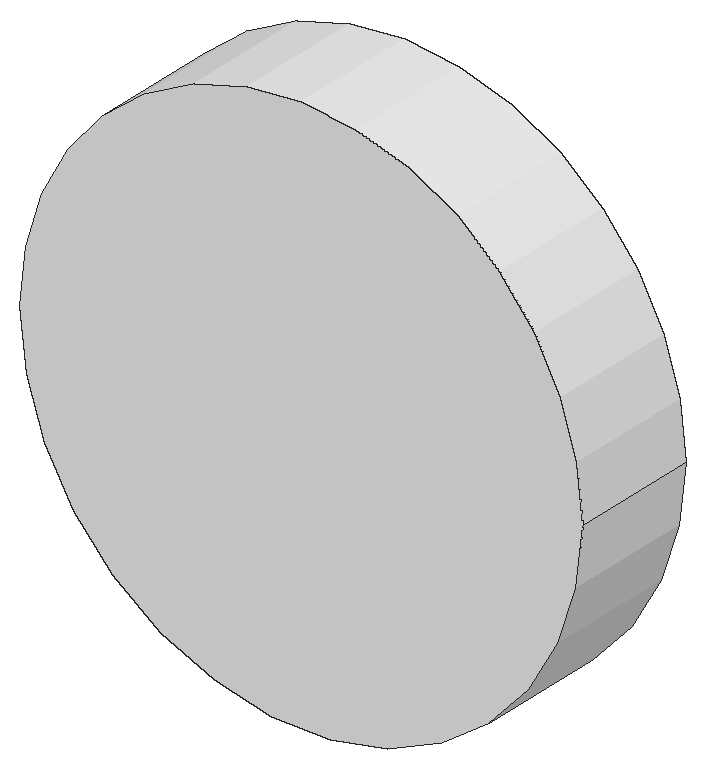
Revit family "313-19-0.5", category Aparatos sanitarios, Revit 2021
Family settings
  Cota de conector redondo = Diámetro de uso
  Tipo de pieza = Normal
  Número OmniClass = 23.45.00.00
  Título OmniClass = Sanitary, Laundry, and Cleaning Equipment
  Se basa en plano de trabajo = No
  Siempre vertical = Sí
  Corte con vacíos al cargar = No
  Compartido = Sí
  Punto de cálculo de habitación = No
Parameters (values of type "185-19")
  URL = "https://www.helvex.com.mx//productos/modelo/fluxometro-pedal-expuesto-para-mingitorio-313-19-05"
  Imagen de tipo = 313-19-0.5.jpg
  Elevación por defecto = 0"
  Comentarios de tipo = "Flush Valves"
  Modelo = "313-19-0.5"
  Min. Working Pressure = 14.22 psi
  Max. Working Pressure = 85.34 psi
  Fabricante = "HELVEX"
  Instructive = "https://www.helvex.com.mx/files/instalacion/313-19-0.5.pdf"
  Flow = "0,5 L por accionamiento"
  Documentation = "https://www.helvex.com.mx/files/especificacion/313-19-0.5.pdf"
  Descripción = "Fluxómetro de pedal expuesto para mingitorio 0.5LPD"
  Connection = "Conexión de alimentación: tubo 25,4 mm"
  Chrome = Brass Chromed
  Conexión AF = yes
Reference planes (in)
  plane 1 "Center (Front/Back)": y = 0
  plane 2: z = 0
  plane 3 "Center (Left/Right)": x = 0
  plane 4: z = 41.73
  plane 5: y = -2.5
Forms (in)
  Extrusion 1, solid, material "Brass Chromed" <- "Chrome"
    sketch origin (0, 0, 0) x (1, 0, 0) y (0, 0, 1)
      loop
        circle (-5.21599, 51.84982) r 1.375
    from 0 to 0.63
Dimensions and locks (in)
  locked: plane 4 to plane 2 at 41.73
  locked: plane 5 to plane 1 "Center (Front/Back)" at 2.5
  aligned and locked: level to plane 2
Connectors (in)
  piping at (-5.21599, 0, 51.84982), diameter 1, driven by "Conexión AF"
    settings: on Extrusion 1, index 1, connector inside diameter 24", connector length 0", flow factor 0, pipe flow 0.0 GPM, pressure drop 0.0 psi, fitting loss kfactor 0, connector angle 0.00°, fixture units 0, engagement length 0", angle of deflection 0.00°, flow configuration 2, flow direction 1, fitting loss method 0, system type 16, joint type 0, gender type 0, connector reference index -1, connector utility 1, adjustable connector no, is connector primary yes, connector description ""
  piping at (-0.15468, -2.5, 41.73), diameter 1
    settings: on import instance, index 2, connector inside diameter 24", connector length 0", flow factor 0, pipe flow 0.0 GPM, pressure drop 0.0 psi, fitting loss kfactor 0, connector angle 0.00°, fixture units 0, engagement length 0", angle of deflection 0.00°, flow configuration 0, flow direction 0, fitting loss method 0, system type 7, joint type 0, gender type 0, connector reference index -1, connector utility 0, adjustable connector no, is connector primary no, connector description ""
